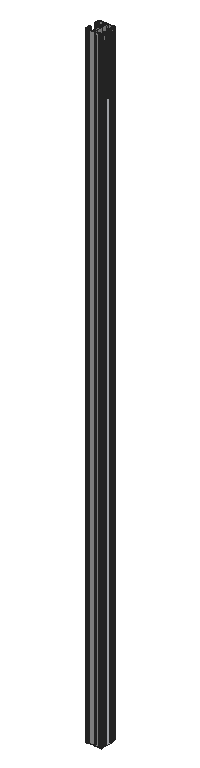
Revit family "Industriesäulenprofil_ISS160160IP6", category Generic Models, Revit 2017
Family settings
  Can host rebar = No
  Round Connector Dimension = Use Diameter
  Part Type = Normal
  Work Plane-Based = No
  Always vertical = Yes
  Cut with Voids When Loaded = No
  Shared = No
  Room Calculation Point = No
Parameters (values of type "ISS160160IP6 EL")
  URL = "http://www.obo-bettermann.com"
  Material = Aluminium
  Manufacturer Art.No. = "6290406"
  Manufacturer = "OBO BETTERMANN"
  GTIN = "4012196191451"
  Article Type = "ISS160160IP6 EL"
Reference planes
  plane 1 "Center (Front/Back)": y = 0
  plane 2: z = 0
  plane 3 "Center (Left/Right)": x = 0
  plane 4: y = 80
  plane 5: x = -80
  plane 6: x = 80
  plane 7: x = 60
  plane 8: x = -60
  plane 9: x = 64
  plane 10: x = 56
  plane 11: y = 60
  plane 12: y = 64
  plane 13: y = 56
  plane 14: x = 56.45
  plane 15: x = 63.55
  plane 16: through (80, 80, 1200) normal (0.7071, -0.7071, 0)
  plane 17: y = 38.25
  plane 18: y = 66.5
  plane 19: z = 6130
  plane 20: y = 41.25
  plane 21: y = 38.25
  plane 22: y = 41.25
  plane 23: y = 38.25
  plane 24: y = -41.25
  plane 25: y = -38.25
  plane 26: y = -41.25
  plane 27: y = -38.25
  plane 28: x = 79.978
  plane 29: y = 38.25
  plane 30: y = -38.25
  plane 31: x = -79.978
  plane 32: y = 38.25
  plane 33: y = -38.25
Forms (mm)
  Extrusion 1, solid, material "Aluminium" <- "Material"
    sketch origin (0, 0, 0) x (1, 0, 0) y (0, 1, 0)
      loop
        line (77.8, 80) -> (65.5, 80)
        arc (65.5, 80) -> (64.439, 79.561) -> (64, 78.5) r 1.5
        line (64, 78.5) -> (64, 76.012)
        arc (64, 76.012) -> (64.146, 75.658) -> (64.5, 75.512) r 0.5
        line (64.5, 75.512) -> (66.492, 75.512)
        arc (66.492, 75.512) -> (66.845, 75.658) -> (66.992, 76.012) r 0.5
        line (66.992, 76.012) -> (66.992, 77.5)
        arc (66.992, 77.5) -> (67.138, 77.854) -> (67.493, 78.001) r 0.501
        arc (67.493, 78.001) -> (69.312, 77.239) -> (70.013, 75.396) r 2.501
        arc (70.013, 75.396) -> (68.603, 71.767) -> (65.016, 70.25) r 4.999
        line (65.016, 70.25) -> (60, 70.25) -> (55, 70.25)
        arc (55, 70.25) -> (51.475, 71.704) -> (50, 75.221) r 5
        arc (50, 75.221) -> (50.628, 77.175) -> (52.507, 78.001) r 2.501
        arc (52.507, 78.001) -> (52.862, 77.854) -> (53.008, 77.5) r 0.501
        line (53.008, 77.5) -> (53.008, 76.012)
        arc (53.008, 76.012) -> (53.155, 75.658) -> (53.508, 75.512) r 0.5
        line (53.508, 75.512) -> (55.5, 75.512)
        arc (55.5, 75.512) -> (55.854, 75.658) -> (56, 76.012) r 0.5
        line (56, 76.012) -> (56, 78.5)
        arc (56, 78.5) -> (55.561, 79.561) -> (54.5, 80) r 1.5
        line (54.5, 80) -> (0, 80) -> (-54.5, 80)
        arc (-54.5, 80) -> (-55.561, 79.561) -> (-56, 78.5) r 1.5
        line (-56, 78.5) -> (-56, 76.012)
        arc (-56, 76.012) -> (-55.854, 75.658) -> (-55.5, 75.512) r 0.5
        line (-55.5, 75.512) -> (-53.508, 75.512)
        arc (-53.508, 75.512) -> (-53.155, 75.658) -> (-53.008, 76.012) r 0.5
        line (-53.008, 76.012) -> (-53.008, 77.5)
        arc (-53.008, 77.5) -> (-52.862, 77.854) -> (-52.507, 78.001) r 0.501
        arc (-52.507, 78.001) -> (-50.628, 77.175) -> (-50, 75.221) r 2.501
        arc (-50, 75.221) -> (-51.475, 71.704) -> (-55, 70.25) r 5
        line (-55, 70.25) -> (-60, 70.25) -> (-65.016, 70.25)
        arc (-65.016, 70.25) -> (-68.603, 71.767) -> (-70.013, 75.396) r 4.999
        arc (-70.013, 75.396) -> (-69.312, 77.239) -> (-67.493, 78.001) r 2.501
        arc (-67.493, 78.001) -> (-67.138, 77.854) -> (-66.992, 77.5) r 0.501
        line (-66.992, 77.5) -> (-66.992, 76.012)
        arc (-66.992, 76.012) -> (-66.845, 75.658) -> (-66.492, 75.512) r 0.5
        line (-66.492, 75.512) -> (-64.5, 75.512)
        arc (-64.5, 75.512) -> (-64.146, 75.658) -> (-64, 76.012) r 0.5
        line (-64, 76.012) -> (-64, 78.5)
        arc (-64, 78.5) -> (-64.439, 79.561) -> (-65.5, 80) r 1.5
        line (-65.5, 80) -> (-77.8, 80)
        arc (-77.8, 80) -> (-79.356, 79.356) -> (-80, 77.8) r 2.2
        line (-80, 77.8) -> (-80, 65.5)
        arc (-80, 65.5) -> (-79.561, 64.439) -> (-78.5, 64) r 1.5
        line (-78.5, 64) -> (-76.012, 64)
        arc (-76.012, 64) -> (-75.658, 64.146) -> (-75.512, 64.5) r 0.5
        line (-75.512, 64.5) -> (-75.512, 66.492)
        arc (-75.512, 66.492) -> (-75.658, 66.845) -> (-76.012, 66.992) r 0.5
        line (-76.012, 66.992) -> (-77.5, 66.992)
        arc (-77.5, 66.992) -> (-77.854, 67.138) -> (-78.001, 67.493) r 0.501
        arc (-78.001, 67.493) -> (-77.239, 69.312) -> (-75.396, 70.013) r 2.501
        arc (-75.396, 70.013) -> (-71.767, 68.603) -> (-70.25, 65.016) r 4.999
        line (-70.25, 65.016) -> (-70.25, 60) -> (-70.25, 55)
        arc (-70.25, 55) -> (-71.704, 51.475) -> (-75.221, 50) r 5
        arc (-75.221, 50) -> (-77.175, 50.628) -> (-78.001, 52.507) r 2.501
        arc (-78.001, 52.507) -> (-77.854, 52.862) -> (-77.5, 53.008) r 0.501
        line (-77.5, 53.008) -> (-76.012, 53.008)
        arc (-76.012, 53.008) -> (-75.658, 53.155) -> (-75.512, 53.508) r 0.5
        line (-75.512, 53.508) -> (-75.512, 55.5)
        arc (-75.512, 55.5) -> (-75.658, 55.854) -> (-76.012, 56) r 0.5
        line (-76.012, 56) -> (-78.5, 56)
        arc (-78.5, 56) -> (-79.561, 55.561) -> (-80, 54.5) r 1.5
        line (-80, 54.5) -> (-80, 38.75)
        arc (-80, 38.75) -> (-79.854, 38.396) -> (-79.5, 38.25) r 0.5
        line (-79.5, 38.25) -> (-77.5, 38.25)
        arc (-77.5, 38.25) -> (-77.146, 38.396) -> (-77, 38.75) r 0.5
        line (-77, 38.75) -> (-77, 48.222)
        arc (-77, 48.222) -> (-70.964, 49.466) -> (-68.25, 55) r 7
        line (-68.25, 55) -> (-68.25, 60) -> (-68.25, 65.016)
        arc (-68.25, 65.016) -> (-69.626, 69.183) -> (-73.212, 71.712) r 6.999
        line (-73.212, 71.712) -> (-77.569, 71.712)
        arc (-77.569, 71.712) -> (-77.922, 71.859) -> (-78.069, 72.212) r 0.5
        line (-78.069, 72.212) -> (-78.069, 75.869)
        arc (-78.069, 75.869) -> (-77.424, 77.424) -> (-75.869, 78.069) r 2.2
        line (-75.869, 78.069) -> (-72.212, 78.069)
        arc (-72.212, 78.069) -> (-71.859, 77.922) -> (-71.712, 77.569) r 0.5
        line (-71.712, 77.569) -> (-71.712, 73.212)
        arc (-71.712, 73.212) -> (-69.183, 69.626) -> (-65.016, 68.25) r 6.999
        line (-65.016, 68.25) -> (-60, 68.25) -> (-55, 68.25)
        arc (-55, 68.25) -> (-49.466, 70.964) -> (-48.222, 77) r 7
        line (-48.222, 77) -> (-12.965, 77)
        arc (-12.965, 77) -> (-11.15, 75.84) -> (-11.44, 73.706) r 2
        arc (-11.44, 73.706) -> (-13.531, 67.03) -> (-12.012, 60.201) r 13.543
        line (-12.012, 60.201) -> (-12.012, 0) -> (-12.012, -60.201)
        arc (-12.012, -60.201) -> (-13.526, -67.142) -> (-11.318, -73.895) r 13.543
        arc (-11.318, -73.895) -> (-11.203, -75.946) -> (-12.965, -77) r 2
        line (-12.965, -77) -> (-48.222, -77)
        arc (-48.222, -77) -> (-49.466, -70.964) -> (-55, -68.25) r 7
        line (-55, -68.25) -> (-60, -68.25) -> (-65.016, -68.25)
        arc (-65.016, -68.25) -> (-69.183, -69.626) -> (-71.712, -73.212) r 6.999
        line (-71.712, -73.212) -> (-71.712, -77.569)
        arc (-71.712, -77.569) -> (-71.859, -77.922) -> (-72.212, -78.069) r 0.5
        line (-72.212, -78.069) -> (-75.869, -78.069)
        arc (-75.869, -78.069) -> (-77.424, -77.424) -> (-78.069, -75.869) r 2.2
        line (-78.069, -75.869) -> (-78.069, -72.212)
        arc (-78.069, -72.212) -> (-77.922, -71.859) -> (-77.569, -71.712) r 0.5
        line (-77.569, -71.712) -> (-73.212, -71.712)
        arc (-73.212, -71.712) -> (-69.626, -69.183) -> (-68.25, -65.016) r 6.999
        line (-68.25, -65.016) -> (-68.25, -60) -> (-68.25, -55)
        arc (-68.25, -55) -> (-70.964, -49.466) -> (-77, -48.222) r 7
        line (-77, -48.222) -> (-77, -38.75)
        arc (-77, -38.75) -> (-77.146, -38.396) -> (-77.5, -38.25) r 0.5
        line (-77.5, -38.25) -> (-79.5, -38.25)
        arc (-79.5, -38.25) -> (-79.854, -38.396) -> (-80, -38.75) r 0.5
        line (-80, -38.75) -> (-80, -54.5)
        arc (-80, -54.5) -> (-79.561, -55.561) -> (-78.5, -56) r 1.5
        line (-78.5, -56) -> (-76.012, -56)
        arc (-76.012, -56) -> (-75.658, -55.854) -> (-75.512, -55.5) r 0.5
        line (-75.512, -55.5) -> (-75.512, -53.508)
        arc (-75.512, -53.508) -> (-75.658, -53.155) -> (-76.012, -53.008) r 0.5
        line (-76.012, -53.008) -> (-77.5, -53.008)
        arc (-77.5, -53.008) -> (-77.854, -52.862) -> (-78.001, -52.507) r 0.501
        arc (-78.001, -52.507) -> (-77.175, -50.628) -> (-75.221, -50) r 2.501
        arc (-75.221, -50) -> (-71.704, -51.475) -> (-70.25, -55) r 5
        line (-70.25, -55) -> (-70.25, -60) -> (-70.25, -65.016)
        arc (-70.25, -65.016) -> (-71.767, -68.603) -> (-75.396, -70.013) r 4.999
        arc (-75.396, -70.013) -> (-77.239, -69.312) -> (-78.001, -67.493) r 2.501
        arc (-78.001, -67.493) -> (-77.854, -67.138) -> (-77.5, -66.992) r 0.501
        line (-77.5, -66.992) -> (-76.012, -66.992)
        arc (-76.012, -66.992) -> (-75.658, -66.845) -> (-75.512, -66.492) r 0.5
        line (-75.512, -66.492) -> (-75.512, -64.5)
        arc (-75.512, -64.5) -> (-75.658, -64.146) -> (-76.012, -64) r 0.5
        line (-76.012, -64) -> (-78.5, -64)
        arc (-78.5, -64) -> (-79.561, -64.439) -> (-80, -65.5) r 1.5
        line (-80, -65.5) -> (-80, -77.8)
        arc (-80, -77.8) -> (-79.356, -79.356) -> (-77.8, -80) r 2.2
        line (-77.8, -80) -> (-65.5, -80)
        arc (-65.5, -80) -> (-64.439, -79.561) -> (-64, -78.5) r 1.5
        line (-64, -78.5) -> (-64, -76.012)
        arc (-64, -76.012) -> (-64.146, -75.658) -> (-64.5, -75.512) r 0.5
        line (-64.5, -75.512) -> (-66.492, -75.512)
        arc (-66.492, -75.512) -> (-66.845, -75.658) -> (-66.992, -76.012) r 0.5
        line (-66.992, -76.012) -> (-66.992, -77.5)
        arc (-66.992, -77.5) -> (-67.138, -77.854) -> (-67.493, -78.001) r 0.501
        arc (-67.493, -78.001) -> (-69.312, -77.239) -> (-70.013, -75.396) r 2.501
        arc (-70.013, -75.396) -> (-68.603, -71.767) -> (-65.016, -70.25) r 4.999
        line (-65.016, -70.25) -> (-60, -70.25) -> (-55, -70.25)
        arc (-55, -70.25) -> (-51.475, -71.704) -> (-50, -75.221) r 5
        arc (-50, -75.221) -> (-50.628, -77.175) -> (-52.507, -78.001) r 2.501
        arc (-52.507, -78.001) -> (-52.862, -77.854) -> (-53.008, -77.5) r 0.501
        line (-53.008, -77.5) -> (-53.008, -76.012)
        arc (-53.008, -76.012) -> (-53.155, -75.658) -> (-53.508, -75.512) r 0.5
        line (-53.508, -75.512) -> (-55.5, -75.512)
        arc (-55.5, -75.512) -> (-55.854, -75.658) -> (-56, -76.012) r 0.5
        line (-56, -76.012) -> (-56, -78.5)
        arc (-56, -78.5) -> (-55.561, -79.561) -> (-54.5, -80) r 1.5
        line (-54.5, -80) -> (0, -80) -> (54.5, -80)
        arc (54.5, -80) -> (55.561, -79.561) -> (56, -78.5) r 1.5
        line (56, -78.5) -> (56, -76.012)
        arc (56, -76.012) -> (55.854, -75.658) -> (55.5, -75.512) r 0.5
        line (55.5, -75.512) -> (53.508, -75.512)
        arc (53.508, -75.512) -> (53.155, -75.658) -> (53.008, -76.012) r 0.5
        line (53.008, -76.012) -> (53.008, -77.5)
        arc (53.008, -77.5) -> (52.862, -77.854) -> (52.507, -78.001) r 0.501
        arc (52.507, -78.001) -> (50.628, -77.175) -> (50, -75.221) r 2.501
        arc (50, -75.221) -> (51.475, -71.704) -> (55, -70.25) r 5
        line (55, -70.25) -> (60, -70.25) -> (65.016, -70.25)
        arc (65.016, -70.25) -> (68.603, -71.767) -> (70.013, -75.396) r 4.999
        arc (70.013, -75.396) -> (69.312, -77.239) -> (67.493, -78.001) r 2.501
        arc (67.493, -78.001) -> (67.138, -77.854) -> (66.992, -77.5) r 0.501
        line (66.992, -77.5) -> (66.992, -76.012)
        arc (66.992, -76.012) -> (66.845, -75.658) -> (66.492, -75.512) r 0.5
        line (66.492, -75.512) -> (64.5, -75.512)
        arc (64.5, -75.512) -> (64.146, -75.658) -> (64, -76.012) r 0.5
        line (64, -76.012) -> (64, -78.5)
        arc (64, -78.5) -> (64.439, -79.561) -> (65.5, -80) r 1.5
        line (65.5, -80) -> (77.8, -80)
        arc (77.8, -80) -> (79.356, -79.356) -> (80, -77.8) r 2.2
        line (80, -77.8) -> (80, -65.5)
        arc (80, -65.5) -> (79.561, -64.439) -> (78.5, -64) r 1.5
        line (78.5, -64) -> (76.012, -64)
        arc (76.012, -64) -> (75.658, -64.146) -> (75.512, -64.5) r 0.5
        line (75.512, -64.5) -> (75.512, -66.492)
        arc (75.512, -66.492) -> (75.658, -66.845) -> (76.012, -66.992) r 0.5
        line (76.012, -66.992) -> (77.5, -66.992)
        arc (77.5, -66.992) -> (77.854, -67.138) -> (78.001, -67.493) r 0.501
        arc (78.001, -67.493) -> (77.239, -69.312) -> (75.396, -70.013) r 2.501
        arc (75.396, -70.013) -> (71.767, -68.603) -> (70.25, -65.016) r 4.999
        line (70.25, -65.016) -> (70.25, -60) -> (70.25, -55)
        arc (70.25, -55) -> (71.704, -51.475) -> (75.221, -50) r 5
        arc (75.221, -50) -> (77.175, -50.628) -> (78.001, -52.507) r 2.501
        arc (78.001, -52.507) -> (77.854, -52.862) -> (77.5, -53.008) r 0.501
        line (77.5, -53.008) -> (76.012, -53.008)
        arc (76.012, -53.008) -> (75.658, -53.155) -> (75.512, -53.508) r 0.5
        line (75.512, -53.508) -> (75.512, -55.5)
        arc (75.512, -55.5) -> (75.658, -55.854) -> (76.012, -56) r 0.5
        line (76.012, -56) -> (78.5, -56)
        arc (78.5, -56) -> (79.561, -55.561) -> (80, -54.5) r 1.5
        line (80, -54.5) -> (80, -38.75)
        arc (80, -38.75) -> (79.854, -38.396) -> (79.5, -38.25) r 0.5
        line (79.5, -38.25) -> (77.5, -38.25)
        arc (77.5, -38.25) -> (77.146, -38.396) -> (77, -38.75) r 0.5
        line (77, -38.75) -> (77, -48.222)
        arc (77, -48.222) -> (70.964, -49.466) -> (68.25, -55) r 7
        line (68.25, -55) -> (68.25, -60) -> (68.25, -65.016)
        arc (68.25, -65.016) -> (69.626, -69.183) -> (73.212, -71.712) r 6.999
        line (73.212, -71.712) -> (77.569, -71.712)
        arc (77.569, -71.712) -> (77.922, -71.859) -> (78.069, -72.212) r 0.5
        line (78.069, -72.212) -> (78.069, -75.869)
        arc (78.069, -75.869) -> (77.424, -77.424) -> (75.869, -78.069) r 2.2
        line (75.869, -78.069) -> (72.212, -78.069)
        arc (72.212, -78.069) -> (71.859, -77.922) -> (71.712, -77.569) r 0.5
        line (71.712, -77.569) -> (71.712, -73.212)
        arc (71.712, -73.212) -> (69.183, -69.626) -> (65.016, -68.25) r 6.999
        line (65.016, -68.25) -> (60, -68.25) -> (55, -68.25)
        arc (55, -68.25) -> (49.466, -70.964) -> (48.222, -77) r 7
        line (48.222, -77) -> (12.965, -77)
        arc (12.965, -77) -> (11.264, -76.053) -> (11.174, -74.11) r 2
        arc (11.174, -74.11) -> (13.519, -67.271) -> (12.012, -60.201) r 13.543
        line (12.012, -60.201) -> (12.012, 0) -> (12.012, 60.201)
        arc (12.012, 60.201) -> (13.531, 67.03) -> (11.44, 73.706) r 13.543
        arc (11.44, 73.706) -> (11.15, 75.84) -> (12.965, 77) r 2
        line (12.965, 77) -> (48.222, 77)
        arc (48.222, 77) -> (49.466, 70.964) -> (55, 68.25) r 7
        line (55, 68.25) -> (60, 68.25) -> (65.016, 68.25)
        arc (65.016, 68.25) -> (69.183, 69.626) -> (71.712, 73.212) r 6.999
        line (71.712, 73.212) -> (71.712, 77.569)
        arc (71.712, 77.569) -> (71.859, 77.922) -> (72.212, 78.069) r 0.5
        line (72.212, 78.069) -> (75.869, 78.069)
        arc (75.869, 78.069) -> (77.424, 77.424) -> (78.069, 75.869) r 2.2
        line (78.069, 75.869) -> (78.069, 72.212)
        arc (78.069, 72.212) -> (77.922, 71.859) -> (77.569, 71.712) r 0.5
        line (77.569, 71.712) -> (73.212, 71.712)
        arc (73.212, 71.712) -> (69.626, 69.183) -> (68.25, 65.016) r 6.999
        line (68.25, 65.016) -> (68.25, 60) -> (68.25, 55)
        arc (68.25, 55) -> (70.964, 49.466) -> (77, 48.222) r 7
        line (77, 48.222) -> (77, 38.75)
        arc (77, 38.75) -> (77.146, 38.396) -> (77.5, 38.25) r 0.5
        line (77.5, 38.25) -> (79.5, 38.25)
        arc (79.5, 38.25) -> (79.854, 38.396) -> (80, 38.75) r 0.5
        line (80, 38.75) -> (80, 54.5)
        arc (80, 54.5) -> (79.561, 55.561) -> (78.5, 56) r 1.5
        line (78.5, 56) -> (76.012, 56)
        arc (76.012, 56) -> (75.658, 55.854) -> (75.512, 55.5) r 0.5
        line (75.512, 55.5) -> (75.512, 53.508)
        arc (75.512, 53.508) -> (75.658, 53.155) -> (76.012, 53.008) r 0.5
        line (76.012, 53.008) -> (77.5, 53.008)
        arc (77.5, 53.008) -> (77.854, 52.862) -> (78.001, 52.507) r 0.501
        arc (78.001, 52.507) -> (77.175, 50.628) -> (75.221, 50) r 2.501
        arc (75.221, 50) -> (71.704, 51.475) -> (70.25, 55) r 5
        line (70.25, 55) -> (70.25, 60) -> (70.25, 65.016)
        arc (70.25, 65.016) -> (71.767, 68.603) -> (75.396, 70.013) r 4.999
        arc (75.396, 70.013) -> (77.239, 69.312) -> (78.001, 67.493) r 2.501
        arc (78.001, 67.493) -> (77.854, 67.138) -> (77.5, 66.992) r 0.501
        line (77.5, 66.992) -> (76.012, 66.992)
        arc (76.012, 66.992) -> (75.658, 66.845) -> (75.512, 66.492) r 0.5
        line (75.512, 66.492) -> (75.512, 64.5)
        arc (75.512, 64.5) -> (75.658, 64.146) -> (76.012, 64) r 0.5
        line (76.012, 64) -> (78.5, 64)
        arc (78.5, 64) -> (79.561, 64.439) -> (80, 65.5) r 1.5
        line (80, 65.5) -> (80, 77.8)
        arc (80, 77.8) -> (79.356, 79.356) -> (77.8, 80) r 2.2
      loop
        circle (-0.041, 66.442) r 9.519
      loop
        line (-9.512, 56.822) -> (-9.512, 0) -> (-9.512, -56.822)
        arc (-9.512, -56.822) -> (0, -52.937) -> (9.512, -56.822) r 13.586
        line (9.512, -56.822) -> (9.512, 0) -> (9.512, 56.822)
        arc (9.512, 56.822) -> (0, 52.937) -> (-9.512, 56.822) r 13.586
      loop
        circle (-0.041, -66.442) r 9.519
    from 0 to 6130
  Extrusion 2, solid
    sketch origin (0, 0, 0) x (1, 0, 0) y (0, 1, 0)
      loop
        line (77, 41.25) -> (69.269, 41.25)
        arc (69.269, 41.25) -> (67.219, 40.401) -> (66.369, 38.35) r 2.9
        line (66.369, 38.35) -> (66.369, 33.745)
        arc (66.369, 33.745) -> (66.955, 32.331) -> (68.369, 31.745) r 2
        line (68.369, 31.745) -> (73.979, 31.745)
        arc (73.979, 31.745) -> (74.579, 32.345) -> (73.979, 32.945) r 0.6
        line (73.979, 32.945) -> (68.908, 32.945)
        arc (68.908, 32.945) -> (68.201, 33.238) -> (67.908, 33.945) r 1
        line (67.908, 33.945) -> (67.908, 37.25)
        arc (67.908, 37.25) -> (68.201, 37.957) -> (68.908, 38.25) r 1
        line (68.908, 38.25) -> (77, 38.25) -> (77, 39.115) -> (77, 41.25)
    from 0 to 6130
  Extrusion 3, solid
    sketch origin (0, 0, 0) x (-1, 0, 0) y (0, -1, 0)
      loop
        line (77, -41.25) -> (77, -39.115) -> (77, -38.25) -> (68.908, -38.25)
        arc (68.908, -38.25) -> (68.201, -37.957) -> (67.908, -37.25) r 1
        line (67.908, -37.25) -> (67.908, -33.945)
        arc (67.908, -33.945) -> (68.201, -33.238) -> (68.908, -32.945) r 1
        line (68.908, -32.945) -> (73.979, -32.945)
        arc (73.979, -32.945) -> (74.579, -32.345) -> (73.979, -31.745) r 0.6
        line (73.979, -31.745) -> (68.369, -31.745)
        arc (68.369, -31.745) -> (66.955, -32.331) -> (66.369, -33.745) r 2
        line (66.369, -33.745) -> (66.369, -38.35)
        arc (66.369, -38.35) -> (67.219, -40.401) -> (69.269, -41.25) r 2.9
        line (69.269, -41.25) -> (77, -41.25)
    from 0 to 6130
  Extrusion 4, solid
    sketch origin (0, 0, 0) x (-1, 0, 0) y (0, -1, 0)
      loop
        line (77, 41.25) -> (69.269, 41.25)
        arc (69.269, 41.25) -> (67.219, 40.401) -> (66.369, 38.35) r 2.9
        line (66.369, 38.35) -> (66.369, 33.745)
        arc (66.369, 33.745) -> (66.955, 32.331) -> (68.369, 31.745) r 2
        line (68.369, 31.745) -> (73.979, 31.745)
        arc (73.979, 31.745) -> (74.579, 32.345) -> (73.979, 32.945) r 0.6
        line (73.979, 32.945) -> (68.908, 32.945)
        arc (68.908, 32.945) -> (68.201, 33.238) -> (67.908, 33.945) r 1
        line (67.908, 33.945) -> (67.908, 37.25)
        arc (67.908, 37.25) -> (68.201, 37.957) -> (68.908, 38.25) r 1
        line (68.908, 38.25) -> (77, 38.25) -> (77, 39.115) -> (77, 41.25)
    from 0 to 6130
  Extrusion 5, solid
    sketch origin (0, 0, 0) x (1, 0, 0) y (0, 1, 0)
      loop
        line (77, -41.25) -> (77, -39.115) -> (77, -38.25) -> (68.908, -38.25)
        arc (68.908, -38.25) -> (68.201, -37.957) -> (67.908, -37.25) r 1
        line (67.908, -37.25) -> (67.908, -33.945)
        arc (67.908, -33.945) -> (68.201, -33.238) -> (68.908, -32.945) r 1
        line (68.908, -32.945) -> (73.979, -32.945)
        arc (73.979, -32.945) -> (74.579, -32.345) -> (73.979, -31.745) r 0.6
        line (73.979, -31.745) -> (68.369, -31.745)
        arc (68.369, -31.745) -> (66.955, -32.331) -> (66.369, -33.745) r 2
        line (66.369, -33.745) -> (66.369, -38.35)
        arc (66.369, -38.35) -> (67.219, -40.401) -> (69.269, -41.25) r 2.9
        line (69.269, -41.25) -> (77, -41.25)
    from 0 to 6130
  Extrusion 6, solid
    sketch origin (0, 0, 0) x (1, 0, 0) y (0, 1, 0)
      loop
        line (78.978, 38.25) -> (68.908, 38.25)
        arc (68.908, 38.25) -> (68.201, 37.957) -> (67.908, 37.25) r 1
        line (67.908, 37.25) -> (67.908, 36.25)
        arc (67.908, 36.25) -> (68.201, 35.543) -> (68.908, 35.25) r 1
        line (68.908, 35.25) -> (75.978, 35.25)
        arc (75.978, 35.25) -> (76.686, 34.957) -> (76.978, 34.25) r 1
        line (76.978, 34.25) -> (76.978, -34.25)
        arc (76.978, -34.25) -> (76.686, -34.957) -> (75.978, -35.25) r 1
        line (75.978, -35.25) -> (68.908, -35.25)
        arc (68.908, -35.25) -> (68.201, -35.543) -> (67.908, -36.25) r 1
        line (67.908, -36.25) -> (67.908, -37.25)
        arc (67.908, -37.25) -> (68.201, -37.957) -> (68.908, -38.25) r 1
        line (68.908, -38.25) -> (78.978, -38.25)
        arc (78.978, -38.25) -> (79.686, -37.957) -> (79.978, -37.25) r 1
        line (79.978, -37.25) -> (79.978, 37.25)
        arc (79.978, 37.25) -> (79.686, 37.957) -> (78.978, 38.25) r 1
    from 0 to 5550.897
  Extrusion 7, solid, material "Aluminium" <- "Material"
    sketch origin (0, 0, 0) x (-1, 0, 0) y (0, -1, 0)
      loop
        arc (78.978, -38.25) -> (79.686, -37.957) -> (79.978, -37.25) r 1
        line (79.978, -37.25) -> (79.978, 37.25)
        arc (79.978, 37.25) -> (79.686, 37.957) -> (78.978, 38.25) r 1
        line (78.978, 38.25) -> (68.908, 38.25)
        arc (68.908, 38.25) -> (68.201, 37.957) -> (67.908, 37.25) r 1
        line (67.908, 37.25) -> (67.908, 36.25)
        arc (67.908, 36.25) -> (68.201, 35.543) -> (68.908, 35.25) r 1
        line (68.908, 35.25) -> (75.978, 35.25)
        arc (75.978, 35.25) -> (76.686, 34.957) -> (76.978, 34.25) r 1
        line (76.978, 34.25) -> (76.978, -34.25)
        arc (76.978, -34.25) -> (76.686, -34.957) -> (75.978, -35.25) r 1
        line (75.978, -35.25) -> (68.908, -35.25)
        arc (68.908, -35.25) -> (68.201, -35.543) -> (67.908, -36.25) r 1
        line (67.908, -36.25) -> (67.908, -37.25)
        arc (67.908, -37.25) -> (68.201, -37.957) -> (68.908, -38.25) r 1
        line (68.908, -38.25) -> (78.978, -38.25)
    from 0 to 5550.897
Dimensions and locks
  locked: plane 1 "Center (Front/Back)" to plane 4 at 80
  locked: plane 5 to plane 3 "Center (Left/Right)" at 80
  locked: plane 3 "Center (Left/Right)" to plane 6 at 80
  locked: plane 3 "Center (Left/Right)" to plane 7 at 60
  locked: plane 8 to plane 3 "Center (Left/Right)" at 60
  locked: plane 7 to plane 9 at 4
  locked: plane 10 to plane 7 at 4
  plane 4 to plane 11 = 20 mm
  plane 7 to plane 6 = 20 mm
  locked: plane 12 to plane 11 at 4
  locked: plane 11 to plane 13 at 4
  locked: plane 14 to plane 7 at 3.55
  locked: plane 7 to plane 15 at 3.55
  locked: Extrusion 1 sketch curve to Extrusion 1 sketch curve at 1.931  (x4)
  locked: plane 1 "Center (Front/Back)" to plane 17 at 38.25
  locked: Extrusion 1 sketch curve to Extrusion 1 sketch curve at 2
  locked: Extrusion 1 sketch curve to Extrusion 1 sketch curve at 6.356
  locked: Extrusion 1 sketch curve to Extrusion 1 sketch curve at 160  (x3)
  locked: Extrusion 1 sketch curve to Extrusion 1 sketch curve at 3
  locked: Extrusion 1 sketch curve to Extrusion 1 sketch curve at 41.75  (x2)
  plane 18 to Extrusion 1 sketch curve = 13.5 mm
  locked: Extrusion 1 sketch curve to plane 3 "Center (Left/Right)" at 0.041
  locked: Extrusion 1 sketch curve to plane 18 at 9.461
  locked: Extrusion 1 sketch curve to Extrusion 1 sketch curve at 19.023  (x2)
  locked: Extrusion 1 sketch curve to Extrusion 1 sketch curve at 27.063  (x2)
  plane 19 to level = 6130 mm
  Extrusion 1 to plane 20 = 3 mm
  Extrusion 2 sketch curve to Extrusion 1 = 6.021 mm
  locked: Extrusion 2 sketch curve to Extrusion 2 sketch curve at 3
  locked: Extrusion 2 sketch curve to Extrusion 2 sketch curve at 5.305
  locked: Extrusion 2 sketch curve to Extrusion 2 sketch curve at 9.505
  locked: Extrusion 2 sketch curve to Extrusion 1 at 10.631
  locked: Extrusion 3 sketch curve to Extrusion 3 sketch curve at 3
  locked: Extrusion 3 sketch curve to Extrusion 3 sketch curve at 5.305
  locked: Extrusion 3 sketch curve to Extrusion 3 sketch curve at 9.505
  locked: Extrusion 4 sketch curve to Extrusion 4 sketch curve at 3
  locked: Extrusion 4 sketch curve to Extrusion 4 sketch curve at 5.305
  locked: Extrusion 4 sketch curve to Extrusion 4 sketch curve at 9.505
  locked: Extrusion 5 sketch curve to Extrusion 5 sketch curve at 3
  locked: Extrusion 5 sketch curve to Extrusion 5 sketch curve at 5.305
  locked: Extrusion 5 sketch curve to Extrusion 5 sketch curve at 9.505
  locked: plane 1 "Center (Front/Back)" to plane 29 at 38.25
  locked: plane 30 to plane 1 "Center (Front/Back)" at 38.25
  locked: Extrusion 6 sketch curve to Extrusion 6 sketch curve at 3
  locked: Extrusion 6 sketch curve to Extrusion 2 at 3
  locked: Extrusion 6 sketch curve to Extrusion 5 at 3
  locked: Extrusion 2 to Extrusion 6 sketch curve at 12.071
  locked: Extrusion 6 sketch curve to Extrusion 6 sketch curve at 12.071
  locked: Extrusion 7 sketch curve to Extrusion 7 sketch curve at 3
  locked: Extrusion 7 sketch curve to Extrusion 7 sketch curve at 12.071
  aligned and locked: level to plane 2
  aligned and locked: Extrusion 1 sketch curve to plane 17
  aligned and locked: plane 19 to Extrusion 1
  aligned and locked: Extrusion 1 to level
  aligned and locked: plane 20 to Extrusion 2 sketch curve
  aligned and locked: Extrusion 2 sketch curve to Extrusion 1
  aligned and locked: Extrusion 1 to Extrusion 2  (x2)
  aligned and locked: Extrusion 3 sketch curve to plane 22
  aligned and locked: plane 24 to Extrusion 4 sketch curve
  aligned and locked: Extrusion 5 sketch curve to plane 26
  aligned and locked: Extrusion 6 sketch curve to Extrusion 2
Automatic sketch dimensions
  Extrusion 1 sketch curve to Extrusion 1 sketch curve = 0 mm  (x46)
  Extrusion 1 sketch curve to plane 5 = 0 mm  (x4)
  Extrusion 1 sketch curve to plane 17 = 0 mm
  Extrusion 1 sketch curve to plane 12 = 0 mm  (x2)
  Extrusion 1 sketch curve to plane 13 = 0 mm  (x2)
  Extrusion 1 sketch curve to plane 16 = 0 mm  (x2)
  Extrusion 1 sketch curve to plane 11 = 0 mm  (x4)
  Extrusion 1 sketch curve to plane 8 = 0 mm  (x4)
  plane 1 "Center (Front/Back)" to Extrusion 1 sketch curve = 0 mm  (x4)
  Extrusion 1 sketch curve to plane 3 "Center (Left/Right)" = 0 mm  (x6)
  Extrusion 1 sketch curve to plane 10 = 0 mm  (x2)
  Extrusion 1 sketch curve to plane 7 = 0 mm  (x4)
  Extrusion 1 sketch curve to plane 9 = 0 mm  (x2)
  plane 16 to Extrusion 1 sketch curve = 0 mm
  Extrusion 1 sketch curve to plane 6 = 0 mm  (x3)
  plane 5 to Extrusion 1 sketch curve = 0.5 mm  (x2)
  Extrusion 1 sketch curve to Extrusion 1 sketch curve = 1.5 mm  (x15)
  Extrusion 1 sketch curve to plane 18 = 1 mm
  plane 5 to Extrusion 1 sketch curve = 1.931 mm
  Extrusion 1 sketch curve to Extrusion 1 sketch curve = 0.269 mm  (x2)
  Extrusion 1 sketch curve to Extrusion 1 sketch curve = 0.5 mm  (x37)
  Extrusion 1 sketch curve to Extrusion 1 sketch curve = 2 mm  (x11)
  Extrusion 1 sketch curve to Extrusion 1 sketch curve = 1 mm  (x8)
  plane 18 to Extrusion 1 sketch curve = 0.993 mm
  Extrusion 1 sketch curve to Extrusion 1 sketch curve = 1.488 mm  (x13)
  plane 18 to Extrusion 1 sketch curve = 0.492 mm  (x2)
  Extrusion 1 sketch curve to Extrusion 1 sketch curve = 2.488 mm  (x5)
  Extrusion 1 sketch curve to plane 13 = 0.5 mm  (x2)
  Extrusion 1 sketch curve to Extrusion 1 sketch curve = 1.931 mm  (x3)
  Extrusion 1 sketch curve to Extrusion 1 sketch curve = 2.2 mm  (x2)
  plane 12 to Extrusion 1 sketch curve = 0.5 mm
  Extrusion 1 sketch curve to Extrusion 1 sketch curve = 0.512 mm  (x8)
  Extrusion 1 sketch curve to Extrusion 1 sketch curve = 0.262 mm  (x11)
  Extrusion 1 sketch curve to Extrusion 1 sketch curve = 4.357 mm  (x2)
  Extrusion 1 sketch curve to Extrusion 1 sketch curve = 3.656 mm  (x5)
  Extrusion 1 sketch curve to Extrusion 1 sketch curve = 4.999 mm
  Extrusion 1 sketch curve to Extrusion 1 sketch curve = 5.262 mm
  Extrusion 1 sketch curve to Extrusion 1 sketch curve = 4.198 mm  (x3)
  Extrusion 1 sketch curve to Extrusion 1 sketch curve = 0.021 mm  (x9)
  Extrusion 1 sketch curve to Extrusion 1 sketch curve = 0.501 mm  (x10)
  Extrusion 1 sketch curve to Extrusion 1 sketch curve = 0.523 mm  (x13)
  Extrusion 1 sketch curve to Extrusion 1 sketch curve = 1.492 mm  (x7)
  Extrusion 1 sketch curve to Extrusion 1 sketch curve = 3.234 mm
  Extrusion 1 sketch curve to Extrusion 1 sketch curve = 1.476 mm  (x3)
  Extrusion 1 sketch curve to Extrusion 1 sketch curve = 0.516 mm  (x3)
  plane 8 to Extrusion 1 sketch curve = 4 mm  (x2)
  Extrusion 1 sketch curve to Extrusion 1 sketch curve = 4.285 mm  (x2)
  Extrusion 1 sketch curve to plane 3 "Center (Left/Right)" = 12.965 mm  (x2)
  Extrusion 1 sketch curve to plane 4 = 5 mm
  Extrusion 1 sketch curve to plane 3 "Center (Left/Right)" = 12.012 mm
  Extrusion 1 sketch curve to Extrusion 1 sketch curve = 2.5 mm  (x2)
  Extrusion 1 sketch curve to plane 3 "Center (Left/Right)" = 0.041 mm
  Extrusion 1 sketch curve to plane 4 = 3 mm
  plane 3 "Center (Left/Right)" to Extrusion 1 sketch curve = 12.965 mm  (x2)
  Extrusion 1 sketch curve to plane 10 = 7.778 mm  (x2)
  Extrusion 1 sketch curve to plane 10 = 3.514 mm  (x2)
  Extrusion 1 sketch curve to plane 10 = 1.5 mm  (x2)
  Extrusion 1 sketch curve to plane 10 = 1 mm  (x2)
  Extrusion 1 sketch curve to plane 10 = 0.5 mm
  plane 9 to Extrusion 1 sketch curve = 0.5 mm
  plane 9 to Extrusion 1 sketch curve = 1.016 mm
  Extrusion 1 sketch curve to plane 4 = 1.5 mm
  plane 12 to Extrusion 1 sketch curve = 1.016 mm  (x2)
  plane 9 to Extrusion 1 sketch curve = 4.25 mm  (x2)
  Extrusion 1 sketch curve to plane 13 = 1 mm
  Extrusion 1 sketch curve to Extrusion 1 sketch curve = 4.22 mm
  Extrusion 1 sketch curve to plane 6 = 4.75 mm  (x3)
  Extrusion 1 sketch curve to Extrusion 1 sketch curve = 0.25 mm  (x8)
  Extrusion 1 sketch curve to Extrusion 1 sketch curve = 0.012 mm  (x5)
  plane 17 to Extrusion 1 sketch curve = 0.5 mm
  Extrusion 1 sketch curve to Extrusion 1 sketch curve = 3 mm
  Extrusion 1 sketch curve to plane 6 = 3 mm
  Extrusion 1 sketch curve to plane 6 = 2.431 mm
  Extrusion 1 sketch curve to plane 6 = 1.5 mm  (x3)
  Extrusion 1 sketch curve to plane 6 = 0.5 mm
  Extrusion 1 sketch curve to Extrusion 1 sketch curve = 2.498 mm  (x2)
  Extrusion 1 sketch curve to Extrusion 1 sketch curve = 13.477 mm
  Extrusion 1 sketch curve to Extrusion 1 sketch curve = 0.066 mm
  Extrusion 1 sketch curve to Extrusion 1 sketch curve = 0.014 mm
  Extrusion 1 sketch curve to Extrusion 1 sketch curve = 1.993 mm
  Extrusion 1 sketch curve to Extrusion 1 sketch curve = 3.379 mm  (x2)
  Extrusion 1 sketch curve to Extrusion 1 sketch curve = 5.016 mm  (x2)
  Extrusion 1 sketch curve to Extrusion 1 sketch curve = 4 mm
  Extrusion 1 sketch curve to Extrusion 1 sketch curve = 8 mm
  Extrusion 1 sketch curve to Extrusion 1 sketch curve = 5 mm
  Extrusion 1 sketch curve to Extrusion 1 sketch curve = 9.472 mm  (x2)
  Extrusion 1 sketch curve to Extrusion 1 sketch curve = 6.278 mm
  Extrusion 1 sketch curve to Extrusion 1 sketch curve = 2.514 mm  (x2)
  Extrusion 1 sketch curve to plane 11 = 3.178 mm
  plane 11 to Extrusion 1 sketch curve = 0.201 mm  (x2)
  Extrusion 1 sketch curve to plane 18 = 0.058 mm
  Extrusion 1 sketch curve to plane 18 = 0.043 mm
  plane 18 to Extrusion 1 sketch curve = 1.75 mm  (x2)
  Extrusion 1 sketch curve to Extrusion 1 sketch curve = 3.25 mm
  Extrusion 1 sketch curve to Extrusion 1 sketch curve = 0.104 mm  (x2)
  Extrusion 1 sketch curve to Extrusion 1 sketch curve = 0.279 mm  (x2)
  Extrusion 1 sketch curve to Extrusion 1 sketch curve = 2.499 mm
  Extrusion 1 sketch curve to Extrusion 1 sketch curve = 1.647 mm
  Extrusion 1 sketch curve to Extrusion 1 sketch curve = 2.486 mm
  Extrusion 2 sketch curve to Extrusion 2 sketch curve = 1.538 mm
  Extrusion 2 sketch curve to Extrusion 2 sketch curve = 0.462 mm
  Extrusion 2 sketch curve to Extrusion 2 sketch curve = 1 mm
  Extrusion 2 sketch curve to Extrusion 2 sketch curve = 0.538 mm
  Extrusion 2 sketch curve to plane 21 = 0.1 mm
  Extrusion 2 sketch curve to Extrusion 2 sketch curve = 0.865 mm
  plane 23 to Extrusion 3 sketch curve = 0.1 mm
  plane 3 "Center (Left/Right)" to Extrusion 3 sketch curve = 66.369 mm
  Extrusion 3 sketch curve to Extrusion 3 sketch curve = 1.362 mm
  Extrusion 3 sketch curve to Extrusion 3 sketch curve = 0.462 mm
  Extrusion 3 sketch curve to Extrusion 3 sketch curve = 0.362 mm
  Extrusion 3 sketch curve to Extrusion 3 sketch curve = 0.538 mm
  Extrusion 3 sketch curve to Extrusion 3 sketch curve = 5.071 mm
  plane 23 to Extrusion 3 sketch curve = 0.865 mm
  Extrusion 3 sketch curve to Extrusion 3 sketch curve = 3.021 mm
  Extrusion 4 sketch curve to plane 25 = 0.1 mm
  Extrusion 4 sketch curve to plane 3 "Center (Left/Right)" = 66.369 mm
  Extrusion 4 sketch curve to Extrusion 4 sketch curve = 1.362 mm
  Extrusion 4 sketch curve to Extrusion 4 sketch curve = 0.462 mm
  Extrusion 4 sketch curve to Extrusion 4 sketch curve = 0.362 mm
  Extrusion 4 sketch curve to Extrusion 4 sketch curve = 0.538 mm
  Extrusion 4 sketch curve to Extrusion 4 sketch curve = 5.071 mm
  Extrusion 4 sketch curve to plane 25 = 0.865 mm
  Extrusion 4 sketch curve to Extrusion 4 sketch curve = 3.021 mm
  plane 27 to Extrusion 5 sketch curve = 0.1 mm
  Extrusion 5 sketch curve to plane 3 "Center (Left/Right)" = 66.369 mm
  Extrusion 5 sketch curve to Extrusion 5 sketch curve = 1.362 mm
  Extrusion 5 sketch curve to Extrusion 5 sketch curve = 0.462 mm
  Extrusion 5 sketch curve to Extrusion 5 sketch curve = 0.362 mm
  Extrusion 5 sketch curve to Extrusion 5 sketch curve = 0.538 mm
  Extrusion 5 sketch curve to Extrusion 5 sketch curve = 5.071 mm
  plane 27 to Extrusion 5 sketch curve = 0.865 mm
  Extrusion 5 sketch curve to Extrusion 5 sketch curve = 3.021 mm
  Extrusion 6 sketch curve to plane 30 = 0 mm
  Extrusion 6 sketch curve to plane 29 = 0 mm
  Extrusion 6 sketch curve to Extrusion 6 sketch curve = 1 mm  (x7)
  Extrusion 6 sketch curve to plane 28 = 1 mm
  Extrusion 7 sketch curve to plane 33 = 0 mm
  Extrusion 7 sketch curve to plane 32 = 0 mm
  Extrusion 7 sketch curve to plane 31 = 0 mm
  plane 32 to Extrusion 7 sketch curve = 1 mm
  Extrusion 7 sketch curve to Extrusion 7 sketch curve = 9.071 mm
  Extrusion 7 sketch curve to Extrusion 7 sketch curve = 1 mm  (x7)
  plane 31 to Extrusion 7 sketch curve = 1 mm
  plane 32 to Extrusion 7 sketch curve = 4 mm
  radius of Extrusion 1 sketch curve = 9.519 mm
